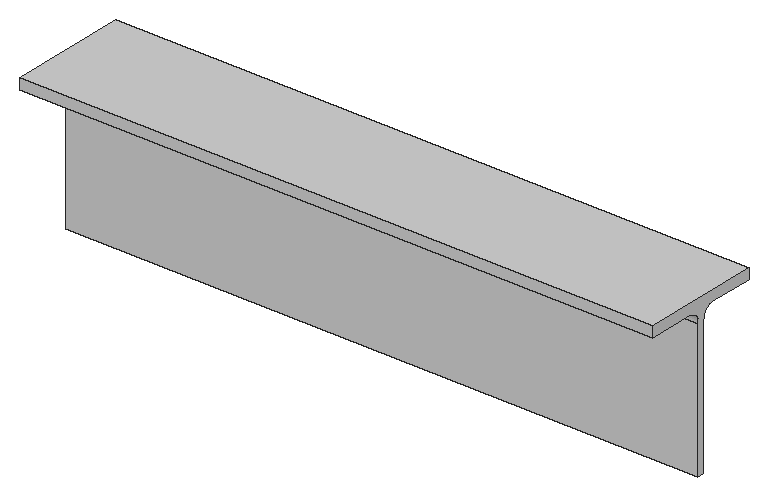
Revit family "f75dc28896a24517ae99b7d195dbde50", category Structural Framing, Revit 2021
Family settings
  Structural Framing Length Roundoff = 0' - 0"
  Section Shape = Not Defined
  Material for Model Behavior = Steel
  Always export as geometry = No
  OmniClass Number = 23.25.30.11.14.14
  OmniClass Title = Beams
  Seek Item ID = WT-Structural Tee-0000-USA-ENU
  Always vertical = Yes
  Cut with Voids When Loaded = No
  Symbolic Representation = From Project Settings
  Shared = No
  Show family pre-cut in plan views = Yes
Parameters (values of type "WT12X42")
  W = 42
  Structural Material [instance] = Steel ASTM A992
  Assembly Code = "B10"
  Length [instance] = 5' - 0"
  bf = 0' - 9 5/256"
  d = 1' - 0 13/128"
  k = 0' - 1 11/16"
  kr = k - tf  # 0' - 0 235/256"
  tf = 0' - 0 197/256"
  tw = 0' - 0 15/32"
  A = 12.40 in²
Types (2): name | W | bf | d | k | tf | tw | A
  WT12X42 | 42 | 0' - 9 5/256" | 1' - 0 13/128" | 0' - 1 11/16" | 0' - 0 197/256" | 0' - 0 15/32" | 12.40 in²
  WT18X80 | 80 | 1' - 0" | 1' - 6" | 0' - 1 15/16" | 0' - 1 5/256" | 0' - 0 83/128" | 23.50 in²
Reference planes (in)
  plane 1 "Center (Front/Back)": y = 0
  plane 2: z = 0
  plane 3 "Center (Left/Right)": x = 0.1815
  plane 4 "Member Left": x = -23.8185
  plane 5 "Member Right": x = 24.1815
  plane 6: y = 4.50977
  plane 7: y = -4.50977
  plane 8 "Top": z = 6.05078
  plane 9: z = -6.05078
  plane 10 "Left": x = -29.8185
  plane 11 "Right": x = 30.1815
Forms (in)
  Sweep 1, solid, material "Steel ASTM A992" <- "Structural Material", detail levels fine
    path origin (0, 0, 0) x (1, 0, 0) y (0, 1, 0)
      loop
        line (24.1815, 0) -> (-23.8185, 0)
    profile "Structural Tee-Profile-Fine : Structural Tee-Profile-Fine" origin (0.1815, 0, 0) x (0, -1, 0) y (0, 0, 1)
      loop
        line (-4.50977, 6.05078) -> (-4.50977, 5.28125) -> (-1.15234, 5.28125)
        arc (-1.15234, 5.28125) -> (-0.50324, 5.01238) -> (-0.23437, 4.36328) r 0.91797
        line (-0.23437, 4.36328) -> (-0.23437, -6.05078) -> (0.23438, -6.05078) -> (0.23438, 4.36328)
        arc (0.23438, 4.36328) -> (0.50324, 5.01238) -> (1.15234, 5.28125) r 0.91797
        line (1.15234, 5.28125) -> (4.50977, 5.28125) -> (4.50977, 6.05078) -> (-4.50977, 6.05078)
  Sweep 2, solid, material "Steel ASTM A992" <- "Structural Material", detail levels medium
    path origin (0, 0, 0) x (1, 0, 0) y (0, 1, 0)
      loop
        line (24.1815, 0) -> (-23.8185, 0)
    profile "Structural Tee-Profile-Medium : Structural Tee-Profile-Medium" origin (0.1815, 0, 0) x (0, -1, 0) y (0, 0, 1)
      loop
        line (-4.50977, 6.05078) -> (-4.50977, 5.28125) -> (-0.23437, 5.28125) -> (-0.23437, -6.05078) -> (0.23438, -6.05078) -> (0.23438, 5.28125) -> (4.50977, 5.28125) -> (4.50977, 6.05078) -> (-4.50977, 6.05078)
Lines and regions (in)
  symbolic lines, style "Hidden Faces", detail levels medium+fine
    curve 1: line (24.1815, -0.23438, 0) -> (-23.8185, -0.23438, 0)
    curve 2: line (24.1815, 0.23437, 0) -> (-23.8185, 0.23437, 0)
  symbolic lines, style "Stick Symbols", detail levels coarse
    curve 3: line (0.1815, 4.50977, 6.05078) -> (0.1815, -4.50977, 6.05078)
    curve 4: line (0.1815, 0, 6.05078) -> (0.1815, 0, -6.05078)
Dimensions and locks (in)
  "bf": plane 6 to plane 7
  "d": plane 9 to plane 8 "Top"
  equal spacing: plane 9, plane 2, plane 8 "Top"
  equal spacing: plane 6, plane 1 "Center (Front/Back)", plane 7
  "Length": plane 10 "Left" to plane 11 "Right"
  equal spacing: curve 2, plane 1 "Center (Front/Back)", curve 1
  "tw": curve 2 to curve 1
  aligned and locked: Sweep 1 sketch curve to plane 1 "Center (Front/Back)"
  aligned and locked: Sweep 2 sketch curve to plane 1 "Center (Front/Back)"
  aligned and locked: Sweep 2 to curve 3  (x2)
  aligned and locked: curve 3 to Sweep 2
  aligned and locked: Sweep 2 to curve 4
  aligned and locked: plane 4 "Member Left" to Sweep 2 sketch curve
  aligned and locked: plane 5 "Member Right" to Sweep 2 sketch curve
  aligned and locked: plane 4 "Member Left" to Sweep 1 sketch curve
  aligned and locked: plane 5 "Member Right" to Sweep 1 sketch curve
  aligned and locked: plane 4 "Member Left" to curve 2
  aligned and locked: plane 4 "Member Left" to curve 1
  aligned and locked: plane 5 "Member Right" to curve 2
  aligned and locked: plane 5 "Member Right" to curve 1
Automatic sketch dimensions
  curve 4 to plane 1 "Center (Front/Back)" = 0' - 0"
